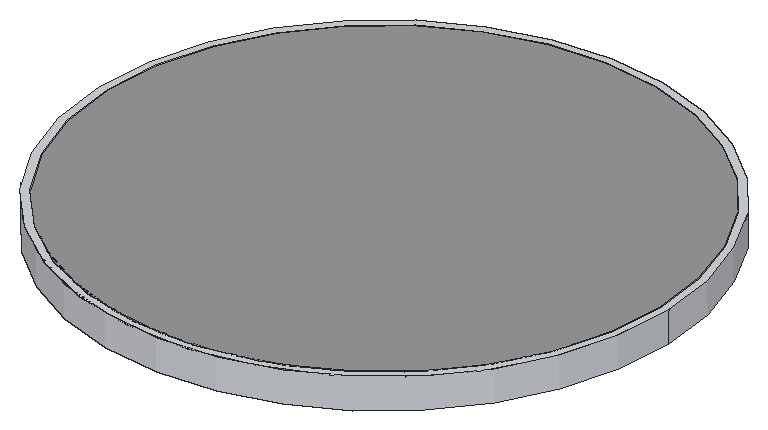
Revit family "2071325", category Lighting Fixtures, host Face, Revit 2018
Family settings
  Host = Face
  Round Connector Dimension = Use Diameter
  Part Type = Junction Box
  OmniClass Number = 23.80.70.00
  OmniClass Title = Lighting
  Cut with Voids When Loaded = No
  Light Source = Yes
  Shared = No
  Room Calculation Point = No
Parameters (values of type "2071325 COLOSSAL 1200 940 PR DIR+H WHT DALI")
  iner diameter = 1168 mm
  Weight = "n/a"
  Wattage Comments = ""
  Wattage = 30 W
  WarrantyStartDate [instance] = "n/a"
  WarrantyGuarantorParts = "n/a"
  WarrantyDurationUnit = "n/a"
  WarrantyDurationParts = ""
  WarrantyDescription = "http://www.sylvania-lighting.com"
  built-in parameter 1150110 = 1 (stored number, unit not read)
  Voltage = 230 V
  URL = "0.95"
  TypeName = "COLOSSAL 1200mm 940 PRISM DIR+HAL WHITE DALI"
  Type Image = <None>
  Type Comments = "n/a"
  built-in parameter 1114217 = 1 (stored number, unit not read)
  Tilt Angle = -90.00°
  built-in parameter 1150109 = 1 (stored number, unit not read)
  built-in parameter 1150134 = (empty or 0)
  built-in parameter 1150113 = 1 (stored number, unit not read)
  SerialNumber [instance] = "n/a"
  Photometric Web File = "2071325.ies"
  Material_3_SYL = LED-Sylvania
  PowerFactor = 0
  PowerConsumption = "Lighting"
  NominalLength = 1168 mm
  NominalHeight = 93 mm
  NominalDepth = 1168 mm
  Name = "COLOSSAL 1200mm 940 PRISM DIR+HAL WHITE DALI"
  ModelReference = Name  # "COLOSSAL 1200mm 940 PRISM DIR+HAL WHITE DALI"
  ModelNumber = "2071325"
  Model = Name  # "COLOSSAL 1200mm 940 PRISM DIR+HAL WHITE DALI"
  Material = "Feilo Sylvania"
  ManufacturerName = "121 lm/W"
  Manufacturer = ""
  LuminousEfficacy = ""
  built-in parameter 1150105 = 270.44 (stored number, unit not read)
  Lumens = 3398.4 lm
  LuminaireType = "0"
  built-in parameter 1150115 = 1 (stored number, unit not read)
  LightOutputRatio = "LED"
  built-in parameter 1150137 = (empty or 0)
  built-in parameter 1150139 = (empty or 0)
  LampsType = Lamp  # "n/a"
  LampNominalLuminous = "4000 K"
  LampMacAdamStep = "90"
  LampColourTemperature = "LED"
  LampColourRenderingIndex = "16500"
  built-in parameter 1150112 = 1 (stored number, unit not read)
  built-in parameter 1150114 = 1 (stored number, unit not read)
  Lamp = "n/a"
  Keynote = "n/a"
  InstallationDate [instance] = "n/a"
  InputVoltage = "0"
  InputNominalFrequency = "4000"
  built-in parameter 1150132 = (empty or 0)
  built-in parameter 1150102 = (empty or 0)
  built-in parameter 1150107 = 3000 (stored number, unit not read)
  built-in parameter 1150138 = (empty or 0)
  IngressProtection = "IfcLightFixtureType"
  ImpactProtectionIndex = "IfcLightFixtureType"
  built-in parameter 1150106 = 2.7044 (stored number, unit not read)
  IfcExportType = "IfcLightFixtureType"
  IfcExportAs = "Class I"
  Emit from Circle Diameter = 385 mm
  Emit Shape Visible in Rendering = no
  ElectricShockClassification = "121"
  built-in parameter 1150104 = 10.524 (stored number, unit not read)
  DocumentationLiterature = "http://www.sylvania-lighting.com/product/en-int/products/2071325"
  DimmingControlOptions = "n/a"
  Material_2_SYL = Polycarbonate_Sylvania_White
  Dimming Lamp Color Temperature Shift = <None>
  Description = "1200mm diameter circular architectural luminaire, can be surface mounted or suspended. Powder coated aluminium housing (RAL9016) with PMMA prismatic diffuser. Direct/indirect (halo) light distribution, 14190lm luminuous flux, 117.5W system power, 121lm/W luminiaire efficacy. DALI dimmable. Colour rendering index Ra >90, 4000K Neutral White LED, chromaticity tolerance of 3-step MacAdam ellipse. IP40/IP20, IK03. 350mA drive current. UGR≤19. Electrical protection Class1, 220-240V. Reported lifetime 66k hours L90B10."
  Default Elevation = 1219.2 mm
  CreatedOn = "23/03/2022"
  CreatedBy = "@sylvania-lighting.com"
  Cost = 0
  Color Filter = 16777215
  built-in parameter 1114216 [instance] = (empty or 0)
  ClassificationValue = "EF_70_80"
  ClassificationName = "Uniclass2015"
  Material_1_SYL = Polycarbonate_Sylvania_Opal
  BarCode [instance] = "n/a"
  built-in parameter 1114218 = 1 (stored number, unit not read)
  built-in parameter 1150133 = 10 (stored number, unit not read)
  AssetType = "Fixed"
  AssetIdentifier [instance] = "n/a"
  Assembly Code = "D5020200"
  Apparent Load = 117.5 VA
  Material_4_SYL = none
Reference planes
  plane 1 "Center (Front/Back)": y = 0
  plane 2: z = 0
  plane 3 "Center (Left/Right)": x = 0
  plane 4: z = 1.161
  plane 5: z = 16.161
  plane 6: y = 584
  plane 7: y = -584
  plane 8: x = 85
  plane 9: x = -85
  plane 10: through (0, 0, 1219.2) normal (0.5, 0.866, 0)
  plane 11: through (42.5, 73.612, 1219.2) normal (0.5, 0.866, 0)
  plane 12: through (-42.5, -73.612, 1219.2) normal (0.5, 0.866, 0)
  plane 13: through (0, 0, 1219.2) normal (0.5, -0.866, 0)
  plane 14: through (-42.5, 73.612, 1219.2) normal (0.5, -0.866, 0)
  plane 15: through (42.5, -73.612, 1219.2) normal (0.5, -0.866, 0)
  plane 16: z = 93
  plane 17: y = 584
  plane 18: y = -584
  plane 19: y = -429
  plane 20: x = -584
  plane 21: x = 584
Forms (mm)
  Extrusion 1, solid, detail levels medium+fine
    sketch origin (0, 0, 0) x (0.866025, -0.5, 0) y (0.5, 0.866025, 0)
      loop
        circle (-50, 86.603) r 22
    from 0 to 2
  Extrusion 2, solid, detail levels medium+fine
    sketch origin (0, 0, 0) x (0.866025, -0.5, 0) y (0.5, 0.866025, 0)
      loop
        circle (100, 0) r 22
      loop
        circle (-50, -86.603) r 22
    from 0 to 2
  Extrusion 3, solid, detail levels medium+fine
    sketch origin (0, 0, 0) x (1, 0, 0) y (0, 1, 0)
      loop
        circle (0, 0) r 584
    from 30 to 93
  Extrusion 4, void
    sketch origin (0, 0, 0) x (1, 0, 0) y (0, 1, 0)
      loop
        circle (0, 0) r 568
    from 96.588 to 37.292
  Extrusion 5, solid, material "Glass, White, High Luminance", detail levels fine
    sketch origin (0, 0, 0) x (1, 0, 0) y (0, 1, 0)
      loop
        circle (0, 0) r 568
    from 88.022 to 93
  Extrusion 6, solid, detail levels coarse
    sketch origin (0, 0, 0) x (1, 0, 0) y (0, 1, 0)
      loop
        line (-584, 584) -> (-584, -584) -> (584, -584) -> (584, 584) -> (-584, 584)
    from 0 to 93
  Blend 7, solid, detail levels medium+fine
    base sketch origin (-10.814, 11.299, 29.922) x (1, 0, 0) y (0, 1, 0)
      loop
        line (-402.654, -330.622) -> (397.346, -330.622) -> (482.346, -183.398) -> (82.346, 509.423) -> (-87.654, 509.423) -> (-487.654, -183.398) -> (-402.654, -330.622)
    top sketch origin (-10.814, 11.299, 29.922) x (1, 0, 0) y (0, 1, 0)
      loop
        line (-363.391, -306.496) -> (364.632, -306.496) -> (449.632, -159.272) -> (87.132, 468.597) -> (-82.868, 468.597) -> (-445.368, -159.272) -> (-363.391, -306.496)
    from 0 to -30
Cuts and joins
  Extrusion 4 cuts Extrusion 1
  Extrusion 4 cuts Extrusion 2
  Extrusion 4 cuts Extrusion 3
Lines and regions (mm)
  model lines, detail levels medium+fine
    curve 1: circle (0, 0, 0) r 155 normal (0, 0, 1)
  reference lines
    curve 2: circle (0, 0, 0) r 489 normal (0, 0, 1)
    curve 3: circle (0, 0, 0) r 521 normal (0, 0, 1)
    curve 4: line (0, 0, 0) -> (606.218, -350, 0)
    curve 5: line (0, 0, 0) -> (0, 825, 0)
    curve 6: line (0, 0, 0) -> (-623.538, -360, 0)
    curve 7: line (639.013, -270.785, 0) -> (85, 49.075, 0)
    curve 8: line (563.718, -423.612, 0) -> (0, -98.15, 0)
    curve 9: line (85, 49.075, 0) -> (85, 825, 0)
    curve 10: line (-85, 49.075, 0) -> (-85, 825, 0)
    curve 11: line (-85, 49.075, 0) -> (-666.038, -286.388, 0)
    curve 12: line (-581.038, -433.612, 0) -> (0, -98.15, 0)
Dimensions and locks
  plane 4 to level = 1.161 mm
  locked: plane 5 to plane 4 at 15
  "NominalDepth": plane 6 to plane 7
  plane 6 to plane 1 "Center (Front/Back)" to plane 7 = 584 mm, 584 mm
  "NominalHeight": level to plane 16
  equal spacing: plane 17, plane 1 "Center (Front/Back)", plane 18
  "NominalLength": plane 20 to plane 21
  equal spacing: plane 20, plane 3 "Center (Left/Right)", plane 21
  aligned and locked: plane 2 to host face
  aligned and locked: level to host face
  aligned and locked: plane 6 to Extrusion 6
Automatic sketch dimensions
  host sketch curve to host sketch curve = 2438.4 mm  (x2)
  Extrusion 1 sketch curve to plane 3 "Center (Left/Right)" = 0 mm
  Extrusion 1 sketch curve to plane 1 "Center (Front/Back)" = 100 mm
  plane 1 "Center (Front/Back)" to Extrusion 2 sketch curve = 50 mm
  Extrusion 2 sketch curve to plane 3 "Center (Left/Right)" = 86.603 mm
  Extrusion 2 sketch curve to Extrusion 2 sketch curve = 150 mm
  Extrusion 2 sketch curve to Extrusion 2 sketch curve = 86.603 mm
  plane 1 "Center (Front/Back)" to curve 1 = 0 mm
  curve 1 to plane 3 "Center (Left/Right)" = 0 mm
  plane 1 "Center (Front/Back)" to Extrusion 3 sketch curve = 0 mm
  Extrusion 3 sketch curve to plane 3 "Center (Left/Right)" = 0 mm
  plane 1 "Center (Front/Back)" to Extrusion 4 sketch curve = 0 mm
  Extrusion 4 sketch curve to plane 3 "Center (Left/Right)" = 0 mm
  plane 1 "Center (Front/Back)" to Extrusion 5 sketch curve = 0 mm
  Extrusion 5 sketch curve to plane 3 "Center (Left/Right)" = 0 mm
  curve 2 to curve 3 = 0 mm  (x2)
  curve 11 to plane 14 = 0 mm
  curve 6 to plane 13 = 0 mm
  curve 12 to plane 15 = 0 mm
  curve 10 to plane 9 = 0 mm
  curve 12 to plane 3 "Center (Left/Right)" = 0 mm
  plane 1 "Center (Front/Back)" to curve 3 = 0 mm
  curve 3 to plane 3 "Center (Left/Right)" = 0 mm
  curve 7 to plane 8 = 0 mm
  curve 11 to plane 10 = 0 mm
  curve 12 to plane 19 = 4.612 mm
  plane 19 to curve 6 = 69 mm
  plane 19 to curve 11 = 142.612 mm
  plane 19 to curve 8 = 5.388 mm
  plane 19 to curve 4 = 79 mm
  plane 19 to curve 7 = 158.215 mm
  plane 6 to curve 5 = 241 mm
  curve 10 to curve 5 = 0 mm
  curve 5 to curve 9 = 0 mm
  plane 1 "Center (Front/Back)" to curve 6 = 0 mm
  curve 6 to plane 3 "Center (Left/Right)" = 0 mm
  Extrusion 6 sketch curve to plane 7 = 0 mm
  Extrusion 6 sketch curve to plane 6 = 0 mm
  Blend 7 sketch curve to plane 6 = 756.098 mm  (x2)
  Blend 7 sketch curve to Blend 7 sketch curve = 85 mm
  plane 3 "Center (Left/Right)" to Blend 7 sketch curve = 386.532 mm
  plane 8 to Blend 7 sketch curve = 386.532 mm
  Blend 7 sketch curve to plane 6 = 63.278 mm
  Blend 7 sketch curve to plane 6 = 731.972 mm  (x2)
  Blend 7 sketch curve to Blend 7 sketch curve = 81.977 mm
  plane 3 "Center (Left/Right)" to Blend 7 sketch curve = 353.818 mm
  plane 8 to Blend 7 sketch curve = 353.818 mm
  Blend 7 sketch curve to plane 6 = 104.104 mm
  plane 12 to curve 8 = 0 mm
  plane 19 to Blend 7 sketch curve = 109.677 mm
  plane 19 to Blend 7 sketch curve = 133.803 mm
  plane 8 to Extrusion 6 sketch curve = 499 mm
  Extrusion 6 sketch curve to plane 9 = 499 mm
  Blend 7 sketch curve to plane 8 = 13.468 mm
  Blend 7 sketch curve to plane 9 = 13.468 mm
  Blend 7 sketch curve to plane 9 = 328.468 mm
  Blend 7 sketch curve to plane 8 = 8.682 mm
  Blend 7 sketch curve to plane 9 = 8.682 mm
  Blend 7 sketch curve to plane 9 = 289.205 mm
  plane 10 to curve 4 = 0 mm
  plane 11 to curve 7 = 0 mm
  curve 12 to plane 12 = 0 mm
  curve 9 to plane 11 = 0 mm
  radius of Extrusion 1 sketch curve = 22 mm
  radius of Extrusion 2 sketch curve = 22 mm  (x2)
  radius of curve 1 = 155 mm
  radius of Extrusion 3 sketch curve = 584 mm
  radius of Extrusion 4 sketch curve = 568 mm
  radius of Extrusion 5 sketch curve = 568 mm
  radius of curve 2 = 489 mm
  radius of curve 3 = 521 mm
Connectors
  electrical at (0, 0, 30)
    settings: on cut or joined group of Extrusion 3, Extrusion 4, index 1, voltage 0 V, apparent load 0 VA, apparent load phase1 0 VA, apparent load phase2 0 VA, apparent load phase3 0 VA, power factor 1, load classification "Other", number of poles 1, system type 31, power factor state 1, is connector primary yes, connector utility no, sub classification motor no, connector description ""
